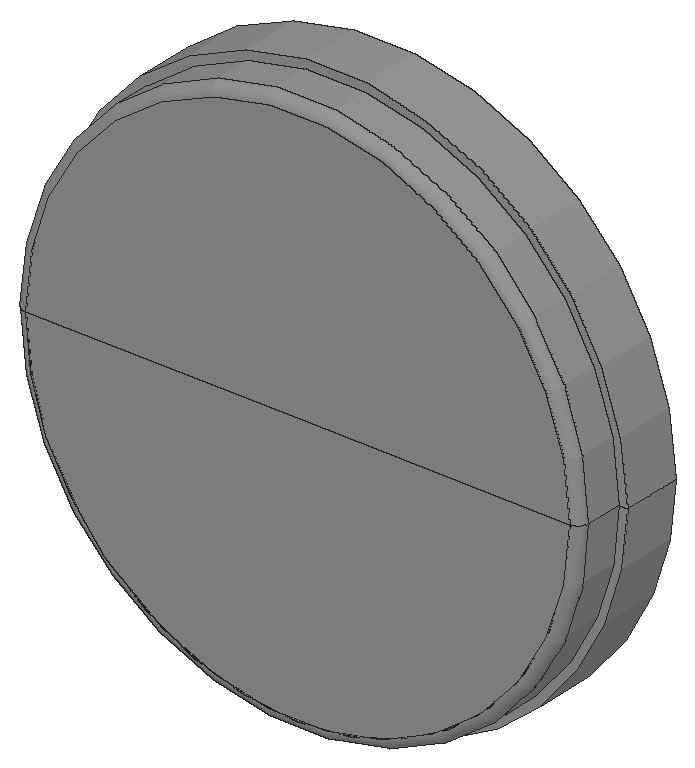
Revit family "IVLB_PML_LF_Dura 340mm WM_Plastic", category Lighting Fixtures, Revit 2019 (continued)
Types (4, lengths in mm): name | Wattage | Type Comments | built-in parameter 1150134 | Photometric Web File | built-in parameter 1150142 | built-in parameter 1150105 | Lumens | built-in parameter 1150107 | built-in parameter 1150106
  Dura-M Ø340 IP64 IK10 8-18W 950-2300lm 3000K-3500K-4000K 3-CCT | 15.4838 W | "" | 12 | "Dura-M Ø340 IP64 IK10 8-18W 950-2300lm 3000K-3500K-4000K 3-CCT.ies" | "IESNA91\r\n[MANUFAC]  Pragmalux\r\n[LUMINAIRE] LED Plafonnière Wandarmatuur Dura-M Ø340 IP64 IK10 8-18W 950-2300lm 3000K-3500K-4000K 3-CCT\r\n[LAMP] 1x(LED 18W 2200lm 3000K) or 1x(LED 18W 2300lm 3500K) or 1x(LED 18W 2300lm 4000K) or 1x(LED 15W 1800lm 3000K) or 1x(LED 15W 1900lm 3500K) or 1x(LED 15W 1900lm 4000K) or 1x(LED 11W 1350lm 3000K) or 1x(LED 11W 1450lm 3500K) or 1x(LED 11W 1450lm 4000K) or 1x(LED 8W 950lm 3000K) or 1x(LED 8W 1000lm 3500K) or 1x(LED 8W 1000lm 4000K)\r\n[_CHANGED] file converted from LDT by IES Viewer 3.6 (C) Andrey Legotin\r\nTILT=NONE\r\n1 2200 2.2 181 5 1 2 0 -0.34 0\r\n1 1 18\r\n0 1 2 3 4 5 6 7 8 9 10 11 12 13 14 15 16 17 18 19 20 21 22 23 24 25 26 27 28 \r\n29 30 31 32 33 34 35 36 37 38 39 40 41 42 43 44 45 46 47 48 49 50 51 52 53 54 \r\n55 56 57 58 59 60 61 62 63 64 65 66 67 68 69 70 71 72 73 74 75 76 77 78 79 80 \r\n81 82 83 84 85 86 87 88 89 90 91 92 93 94 95 96 97 98 99 100 101 102 103 104 \r\n105 106 107 108 109 110 111 112 113 114 115 116 117 118 119 120 121 122 123 \r\n124 125 126 127 128 129 130 131 132 133 134 135 136 137 138 139 140 141 142 \r\n143 144 145 146 147 148 149 150 151 152 153 154 155 156 157 158 159 160 161 \r\n162 163 164 165 166 167 168 169 170 171 172 173 174 175 176 177 178 179 180 \r\n0 22.5 45 67.5 90 \r\n295.3 295.4 295.3 295.4 295 294.6 294.2 293.8 293.1 292.5 291.9 290.9 290.1 \r\n289.3 288.2 287 285.8 284.4 283.1 281.6 279.9 278.4 276.5 274.8 272.9 270.8 \r\n268.7 266.6 264.4 261.9 259.5 257.1 254.4 251.8 249 246.2 243.4 240.3 237.3 \r\n234 230.9 227.5 224.2 220.7 217 213.5 209.8 206 202.3 198.3 194.4 190.3 186.3 \r\n182.2 178 173.9 169.7 165.2 160.9 156.3 151.7 147.1 142.5 137.8 133.1 128.3 \r\n123.5 118.6 113.7 108.9 104 99.09 94.31 89.38 84.54 79.78 74.96 70.21 65.64 \r\n60.99 56.65 52.24 47.94 43.84 39.72 35.8 32.33 29.23 26.57 24.14 20.8 17.18 \r\n13.52 9.69 6.07 3.08 1.19 0.46 0.42 0.5 1.38 2.92 5.29 7.96 10.6 13.13 15.25 \r\n16.85 17.87 18.13 18.09 18.13 18.01 17.84 17.63 17.39 17.18 16.97 16.8 16.59 \r\n16.43 16.18 15.96 15.76 15.47 15.26 15.01 14.76 14.47 14.18 13.96 13.72 13.47 \r\n13.18 12.92 12.6 12.3 11.97 11.76 11.47 11.17 10.84 10.51 10.18 9.8 9.51 9.14 \r\n8.8 8.46 8.1 7.59 6.92 6.13 5.47 5.09 4.84 4.71 4.71 4.75 4.71 4.27 3.85 3.42 \r\n3.09 2.84 2.63 2.38 2.09 1.8 1.51 1.3 1.29 1.25 1.25 1.29 1.17 1.09 1.04 1.04 \r\n1.04 1.04 \r\n295.3 295.4 295.3 295.2 295 294.7 294.2 293.7 293.2 292.4 291.8 291 290 289.2 \r\n288 287.1 285.7 284.5 283.1 281.5 280.1 278.4 276.6 274.8 272.9 271 268.9 \r\n266.7 264.4 262.1 259.7 257.2 254.6 251.8 249.1 246.2 243.3 240.4 237.3 234 \r\n230.9 227.6 224.2 220.8 217.2 213.6 210 206.2 202.5 198.5 194.6 190.4 186.3 \r\n182.3 178.1 173.9 169.8 165.5 160.9 156.5 152 147.3 142.7 138 133.3 128.4 \r\n123.6 118.8 114 109.1 104.1 99.29 94.45 89.59 84.83 79.91 75.24 70.49 65.87 \r\n61.37 56.89 52.6 48.27 44.1 39.95 35.98 32.51 29.4 26.59 24.2 21.15 17.65 \r\n13.91 9.8 5.92 2.9 1.05 1.11 1.16 1.22 1.27 1.32 3 5.08 7.32 9.66 11.71 13.19 \r\n13.85 14.01 14.06 14.06 14.06 14.07 14.07 14.07 14.08 14.08 14.08 14.09 14.09 \r\n14.09 14.1 14.1 13.93 13.81 13.68 13.47 13.31 13.09 12.89 12.72 12.55 12.34 \r\n12.1 11.89 11.63 11.35 11.13 10.84 10.59 10.34 10.09 9.8 9.54 9.25 9 8.66 \r\n8.34 7.84 7.16 6.42 5.82 5.49 5.23 5.06 5.1 5.06 5.06 4.7 4.35 4.07 3.81 3.52 \r\n3.27 3.1 2.89 2.68 2.35 2.02 1.88 1.88 1.63 1.22 1.01 1 1 1 1 1 1 \r\n295.3 295.4 295.4 295.2 294.9 294.7 294.3 293.7 293.1 292.5 291.7 291 290 \r\n289.2 288.2 287 285.8 284.6 283.2 281.6 280 278.6 276.7 274.9 272.9 271 269 \r\n266.7 264.5 262.1 259.7 257.3 254.7 251.9 249.3 246.4 243.4 240.5 237.2 234.4 \r\n230.9 227.7 224.4 220.9 217.2 213.8 210 206.2 202.5 198.5 194.7 190.5 186.5 \r\n182.5 178.3 174.2 170 165.6 161.2 156.6 152.1 147.4 142.9 138.1 133.3 128.7 \r\n123.7 119.1 114.1 109.2 104.2 99.53 94.64 89.68 84.85 80 75.35 70.57 65.93 \r\n61.38 56.9 52.6 48.21 44.08 39.87 35.82 32.26 29 26.12 23.53 21.1 17.5 12.56 \r\n7.11 2.92 0.97 0.75 1.99 3.1 3.87 4.59 5.12 5.47 5.89 6.09 6.18 6.18 6.22 \r\n6.35 6.56 6.76 7.06 7.3 7.56 7.73 7.97 8.06 8.19 8.35 8.52 8.59 8.65 8.72 \r\n8.79 8.85 8.94 8.98 8.96 8.93 8.91 8.88 8.86 8.83 8.81 8.78 8.76 8.73 8.61 \r\n8.48 8.36 8.27 8.07 7.9 7.65 7.19 6.69 6.24 6.06 5.89 5.81 5.75 5.69 5.62 \r\n5.56 5.5 5.44 5.1 4.8 4.52 4.18 3.93 3.72 3.51 3.31 3.1 2.93 2.72 2.55 2.46 \r\n2.26 2.01 1.84 1.76 1.46 1.09 0.96 0.96 0.96 0.96 0.96 0.96 \r\n295.3 295.2 295.3 295.3 295 294.6 294.2 293.8 293.1 292.5 291.7 291 290.2 \r\n289.3 288.2 287.1 286 284.5 283.2 281.7 280.1 278.4 276.9 274.8 273 271 269 \r\n266.7 264.5 262.1 259.6 257.2 254.4 252 249.1 246.5 243.4 240.4 237.2 234 \r\n230.9 227.5 224.2 220.8 217.1 213.6 209.8 206.2 202.4 198.5 194.5 190.4 186.4 \r\n182.4 178.1 174 169.7 165.4 160.8 156.5 151.8 147.2 142.6 137.8 133.1 128.2 \r\n123.5 118.7 113.8 108.9 104 99.22 94.3 89.47 84.57 79.7 75 70.21 65.64 60.97 \r\n56.57 52.14 47.89 43.7 39.52 35.49 31.7 28.35 25.42 22.82 20.35 15.44 6.69 \r\n0.88 0.55 2.56 7.37 9.33 9.48 8.91 8.12 7.38 6.75 6.24 5.78 5.41 5.08 4.75 \r\n4.45 4.16 3.95 3.71 3.54 3.45 3.45 3.48 3.52 3.55 3.58 3.62 3.83 3.95 4.07 \r\n4.28 4.45 4.61 4.7 4.78 4.8 4.81 4.83 4.85 4.86 4.88 4.89 4.91 4.93 4.94 5.24 \r\n5.32 5.26 5.19 5.12 5.06 4.99 4.92 4.86 4.79 4.2 3.75 3.66 3.54 3.37 3.36 \r\n3.35 3.34 3.32 3.31 3.3 3.29 3.16 3 2.95 2.83 2.75 2.66 2.5 2.29 2.04 1.88 \r\n1.71 1.5 1.25 1.05 0.96 0.96 0.96 0.96 0.96 0.96 0.96 \r\n295.3 295.3 295.3 295.3 295 294.7 294.3 293.8 293.2 292.4 291.9 291.2 290.2 \r\n289.3 288.1 287.1 285.9 284.5 283.3 281.8 280.2 278.5 276.7 275 273.1 270.9 \r\n269.1 266.7 264.4 262.2 259.7 257.2 254.6 252 249.2 246.4 243.5 240.4 237.3 \r\n234.3 230.9 227.6 224.2 220.7 217.3 213.6 209.8 206.2 202.4 198.4 194.6 190.5 \r\n186.4 182.3 178.2 174.1 169.7 165.3 160.9 156.4 151.8 147.1 142.6 137.9 133 \r\n128.3 123.5 118.6 113.7 108.8 103.8 99.12 94.1 89.24 84.33 79.46 74.78 69.96 \r\n65.23 60.72 56.28 51.92 47.53 43.29 39.16 35.11 31.37 28 25.06 22.51 20.37 \r\n15.14 5.53 0.55 0.46 2.14 9.15 12.35 11.89 11.06 10.21 9.36 8.52 7.75 7.04 \r\n6.4 5.75 5.16 4.55 3.96 3.41 2.91 2.46 2.04 1.59 1.33 1.29 1.21 1.04 0.96 \r\n0.92 0.87 0.83 0.79 0.75 0.79 1.2 1.57 1.79 1.95 1.99 2 2.04 2.08 2.33 2.53 \r\n2.49 2.45 2.41 2.37 2.33 1.88 1.3 1.16 1.16 1.45 1.9 2.48 2.74 2.72 2.7 2.68 \r\n2.66 2.64 2.62 2.54 2.41 2.33 2.21 2.04 1.87 1.79 1.67 1.58 1.5 1.33 1.29 \r\n1.17 1.12 1.12 1.04 1.08 1.04 1 1 0.96 0.96 0.96 0.96 0.96 0.96 \r\n" | 183.03 (stored number, unit not read) | 2300 lm | 4000 (stored number, unit not read) | 1.8303 (stored number, unit not read)
  Dura-M Ø340 IP64 IK10 18W 2200K-2700K 2-CCT DALI | 11.7812 W | "DALI" | (empty or 0) | "Dura-M Ø340 IP64 IK10 18W 2200K-2700K 2-CCT DALI.ies" | "IESNA91\r\n[MANUFAC]  Pragmalux\r\n[LUMINAIRE] LED Plafonnière Wandarmatuur Dura-M Ø340 IP64 IK10 18W 2200K-2700K 2-CCT DALI\r\n[LAMP] 1x(LED 18W 1750lm 2200K) or 1x(LED 18W 2075lm 2700K)\r\n[_CHANGED] file converted from LDT by IES Viewer 3.6 (C) Andrey Legotin\r\nTILT=NONE\r\n1 1750 1.75 181 5 1 2 0 -0.34 0\r\n1 1 18\r\n0 1 2 3 4 5 6 7 8 9 10 11 12 13 14 15 16 17 18 19 20 21 22 23 24 25 26 27 28 \r\n29 30 31 32 33 34 35 36 37 38 39 40 41 42 43 44 45 46 47 48 49 50 51 52 53 54 \r\n55 56 57 58 59 60 61 62 63 64 65 66 67 68 69 70 71 72 73 74 75 76 77 78 79 80 \r\n81 82 83 84 85 86 87 88 89 90 91 92 93 94 95 96 97 98 99 100 101 102 103 104 \r\n105 106 107 108 109 110 111 112 113 114 115 116 117 118 119 120 121 122 123 \r\n124 125 126 127 128 129 130 131 132 133 134 135 136 137 138 139 140 141 142 \r\n143 144 145 146 147 148 149 150 151 152 153 154 155 156 157 158 159 160 161 \r\n162 163 164 165 166 167 168 169 170 171 172 173 174 175 176 177 178 179 180 \r\n0 22.5 45 67.5 90 \r\n295.3 295.4 295.3 295.4 295 294.6 294.2 293.8 293.1 292.5 291.9 290.9 290.1 \r\n289.3 288.2 287 285.8 284.4 283.1 281.6 279.9 278.4 276.5 274.8 272.9 270.8 \r\n268.7 266.6 264.4 261.9 259.5 257.1 254.4 251.8 249 246.2 243.4 240.3 237.3 \r\n234 230.9 227.5 224.2 220.7 217 213.5 209.8 206 202.3 198.3 194.4 190.3 186.3 \r\n182.2 178 173.9 169.7 165.2 160.9 156.3 151.7 147.1 142.5 137.8 133.1 128.3 \r\n123.5 118.6 113.7 108.9 104 99.09 94.31 89.38 84.54 79.78 74.96 70.21 65.64 \r\n60.99 56.65 52.24 47.94 43.84 39.72 35.8 32.33 29.23 26.57 24.14 20.8 17.18 \r\n13.52 9.69 6.07 3.08 1.19 0.46 0.42 0.5 1.38 2.92 5.29 7.96 10.6 13.13 15.25 \r\n16.85 17.87 18.13 18.09 18.13 18.01 17.84 17.63 17.39 17.18 16.97 16.8 16.59 \r\n16.43 16.18 15.96 15.76 15.47 15.26 15.01 14.76 14.47 14.18 13.96 13.72 13.47 \r\n13.18 12.92 12.6 12.3 11.97 11.76 11.47 11.17 10.84 10.51 10.18 9.8 9.51 9.14 \r\n8.8 8.46 8.1 7.59 6.92 6.13 5.47 5.09 4.84 4.71 4.71 4.75 4.71 4.27 3.85 3.42 \r\n3.09 2.84 2.63 2.38 2.09 1.8 1.51 1.3 1.29 1.25 1.25 1.29 1.17 1.09 1.04 1.04 \r\n1.04 1.04 \r\n295.3 295.4 295.3 295.2 295 294.7 294.2 293.7 293.2 292.4 291.8 291 290 289.2 \r\n288 287.1 285.7 284.5 283.1 281.5 280.1 278.4 276.6 274.8 272.9 271 268.9 \r\n266.7 264.4 262.1 259.7 257.2 254.6 251.8 249.1 246.2 243.3 240.4 237.3 234 \r\n230.9 227.6 224.2 220.8 217.2 213.6 210 206.2 202.5 198.5 194.6 190.4 186.3 \r\n182.3 178.1 173.9 169.8 165.5 160.9 156.5 152 147.3 142.7 138 133.3 128.4 \r\n123.6 118.8 114 109.1 104.1 99.29 94.45 89.59 84.83 79.91 75.24 70.49 65.87 \r\n61.37 56.89 52.6 48.27 44.1 39.95 35.98 32.51 29.4 26.59 24.2 21.15 17.65 \r\n13.91 9.8 5.92 2.9 1.05 1.11 1.16 1.22 1.27 1.32 3 5.08 7.32 9.66 11.71 13.19 \r\n13.85 14.01 14.06 14.06 14.06 14.07 14.07 14.07 14.08 14.08 14.08 14.09 14.09 \r\n14.09 14.1 14.1 13.93 13.81 13.68 13.47 13.31 13.09 12.89 12.72 12.55 12.34 \r\n12.1 11.89 11.63 11.35 11.13 10.84 10.59 10.34 10.09 9.8 9.54 9.25 9 8.66 \r\n8.34 7.84 7.16 6.42 5.82 5.49 5.23 5.06 5.1 5.06 5.06 4.7 4.35 4.07 3.81 3.52 \r\n3.27 3.1 2.89 2.68 2.35 2.02 1.88 1.88 1.63 1.22 1.01 1 1 1 1 1 1 \r\n295.3 295.4 295.4 295.2 294.9 294.7 294.3 293.7 293.1 292.5 291.7 291 290 \r\n289.2 288.2 287 285.8 284.6 283.2 281.6 280 278.6 276.7 274.9 272.9 271 269 \r\n266.7 264.5 262.1 259.7 257.3 254.7 251.9 249.3 246.4 243.4 240.5 237.2 234.4 \r\n230.9 227.7 224.4 220.9 217.2 213.8 210 206.2 202.5 198.5 194.7 190.5 186.5 \r\n182.5 178.3 174.2 170 165.6 161.2 156.6 152.1 147.4 142.9 138.1 133.3 128.7 \r\n123.7 119.1 114.1 109.2 104.2 99.53 94.64 89.68 84.85 80 75.35 70.57 65.93 \r\n61.38 56.9 52.6 48.21 44.08 39.87 35.82 32.26 29 26.12 23.53 21.1 17.5 12.56 \r\n7.11 2.92 0.97 0.75 1.99 3.1 3.87 4.59 5.12 5.47 5.89 6.09 6.18 6.18 6.22 \r\n6.35 6.56 6.76 7.06 7.3 7.56 7.73 7.97 8.06 8.19 8.35 8.52 8.59 8.65 8.72 \r\n8.79 8.85 8.94 8.98 8.96 8.93 8.91 8.88 8.86 8.83 8.81 8.78 8.76 8.73 8.61 \r\n8.48 8.36 8.27 8.07 7.9 7.65 7.19 6.69 6.24 6.06 5.89 5.81 5.75 5.69 5.62 \r\n5.56 5.5 5.44 5.1 4.8 4.52 4.18 3.93 3.72 3.51 3.31 3.1 2.93 2.72 2.55 2.46 \r\n2.26 2.01 1.84 1.76 1.46 1.09 0.96 0.96 0.96 0.96 0.96 0.96 \r\n295.3 295.2 295.3 295.3 295 294.6 294.2 293.8 293.1 292.5 291.7 291 290.2 \r\n289.3 288.2 287.1 286 284.5 283.2 281.7 280.1 278.4 276.9 274.8 273 271 269 \r\n266.7 264.5 262.1 259.6 257.2 254.4 252 249.1 246.5 243.4 240.4 237.2 234 \r\n230.9 227.5 224.2 220.8 217.1 213.6 209.8 206.2 202.4 198.5 194.5 190.4 186.4 \r\n182.4 178.1 174 169.7 165.4 160.8 156.5 151.8 147.2 142.6 137.8 133.1 128.2 \r\n123.5 118.7 113.8 108.9 104 99.22 94.3 89.47 84.57 79.7 75 70.21 65.64 60.97 \r\n56.57 52.14 47.89 43.7 39.52 35.49 31.7 28.35 25.42 22.82 20.35 15.44 6.69 \r\n0.88 0.55 2.56 7.37 9.33 9.48 8.91 8.12 7.38 6.75 6.24 5.78 5.41 5.08 4.75 \r\n4.45 4.16 3.95 3.71 3.54 3.45 3.45 3.48 3.52 3.55 3.58 3.62 3.83 3.95 4.07 \r\n4.28 4.45 4.61 4.7 4.78 4.8 4.81 4.83 4.85 4.86 4.88 4.89 4.91 4.93 4.94 5.24 \r\n5.32 5.26 5.19 5.12 5.06 4.99 4.92 4.86 4.79 4.2 3.75 3.66 3.54 3.37 3.36 \r\n3.35 3.34 3.32 3.31 3.3 3.29 3.16 3 2.95 2.83 2.75 2.66 2.5 2.29 2.04 1.88 \r\n1.71 1.5 1.25 1.05 0.96 0.96 0.96 0.96 0.96 0.96 0.96 \r\n295.3 295.3 295.3 295.3 295 294.7 294.3 293.8 293.2 292.4 291.9 291.2 290.2 \r\n289.3 288.1 287.1 285.9 284.5 283.3 281.8 280.2 278.5 276.7 275 273.1 270.9 \r\n269.1 266.7 264.4 262.2 259.7 257.2 254.6 252 249.2 246.4 243.5 240.4 237.3 \r\n234.3 230.9 227.6 224.2 220.7 217.3 213.6 209.8 206.2 202.4 198.4 194.6 190.5 \r\n186.4 182.3 178.2 174.1 169.7 165.3 160.9 156.4 151.8 147.1 142.6 137.9 133 \r\n128.3 123.5 118.6 113.7 108.8 103.8 99.12 94.1 89.24 84.33 79.46 74.78 69.96 \r\n65.23 60.72 56.28 51.92 47.53 43.29 39.16 35.11 31.37 28 25.06 22.51 20.37 \r\n15.14 5.53 0.55 0.46 2.14 9.15 12.35 11.89 11.06 10.21 9.36 8.52 7.75 7.04 \r\n6.4 5.75 5.16 4.55 3.96 3.41 2.91 2.46 2.04 1.59 1.33 1.29 1.21 1.04 0.96 \r\n0.92 0.87 0.83 0.79 0.75 0.79 1.2 1.57 1.79 1.95 1.99 2 2.04 2.08 2.33 2.53 \r\n2.49 2.45 2.41 2.37 2.33 1.88 1.3 1.16 1.16 1.45 1.9 2.48 2.74 2.72 2.7 2.68 \r\n2.66 2.64 2.62 2.54 2.41 2.33 2.21 2.04 1.87 1.79 1.67 1.58 1.5 1.33 1.29 \r\n1.17 1.12 1.12 1.04 1.08 1.04 1 1 0.96 0.96 0.96 0.96 0.96 0.96 \r\n" | 139.26 (stored number, unit not read) | 1750 lm | 2700 (stored number, unit not read) | 1.3926 (stored number, unit not read)
  Dura-M Ø340 IP64 IK10 18W 3000K-3500K-4000K 3-CCT DALI | 14.8106 W | "DALI" | 12 | "Dura-S Ø270 IP64 IK10 9W 3000K-3500K-4000K 3-CCT DALI.ies" | "IESNA91\r\n[MANUFAC]  Pragmalux\r\n[LUMINAIRE] LED Plafonnière Wandarmatuur Dura-S Wit Ø270 IP64 IK10 9W 3000K-3500K-4000K 3-CCT DALI\r\n[LAMP] 1x(LED 9W 1050lm 3000K) or 1x(LED 9W 1100lm 3500K) or 1x(LED 9W 1100lm 4000K)\r\n[_CHANGED] file converted from LDT by IES Viewer 3.6 (C) Andrey Legotin\r\nTILT=NONE\r\n1 1050 1.05 181 5 1 2 0 -0.27 0\r\n1 1 9\r\n0 1 2 3 4 5 6 7 8 9 10 11 12 13 14 15 16 17 18 19 20 21 22 23 24 25 26 27 28 \r\n29 30 31 32 33 34 35 36 37 38 39 40 41 42 43 44 45 46 47 48 49 50 51 52 53 54 \r\n55 56 57 58 59 60 61 62 63 64 65 66 67 68 69 70 71 72 73 74 75 76 77 78 79 80 \r\n81 82 83 84 85 86 87 88 89 90 91 92 93 94 95 96 97 98 99 100 101 102 103 104 \r\n105 106 107 108 109 110 111 112 113 114 115 116 117 118 119 120 121 122 123 \r\n124 125 126 127 128 129 130 131 132 133 134 135 136 137 138 139 140 141 142 \r\n143 144 145 146 147 148 149 150 151 152 153 154 155 156 157 158 159 160 161 \r\n162 163 164 165 166 167 168 169 170 171 172 173 174 175 176 177 178 179 180 \r\n0 22.5 45 67.5 90 \r\n295.3 295.4 295.3 295.4 295 294.6 294.2 293.8 293.1 292.5 291.9 290.9 290.1 \r\n289.3 288.2 287 285.8 284.4 283.1 281.6 279.9 278.4 276.5 274.8 272.9 270.8 \r\n268.7 266.6 264.4 261.9 259.5 257.1 254.4 251.8 249 246.2 243.4 240.3 237.3 \r\n234 230.9 227.5 224.2 220.7 217 213.5 209.8 206 202.3 198.3 194.4 190.3 186.3 \r\n182.2 178 173.9 169.7 165.2 160.9 156.3 151.7 147.1 142.5 137.8 133.1 128.3 \r\n123.5 118.6 113.7 108.9 104 99.09 94.31 89.38 84.54 79.78 74.96 70.21 65.64 \r\n60.99 56.65 52.24 47.94 43.84 39.72 35.8 32.33 29.23 26.57 24.14 20.8 17.18 \r\n13.52 9.69 6.07 3.08 1.19 0.46 0.42 0.5 1.38 2.92 5.29 7.96 10.6 13.13 15.25 \r\n16.85 17.87 18.13 18.09 18.13 18.01 17.84 17.63 17.39 17.18 16.97 16.8 16.59 \r\n16.43 16.18 15.96 15.76 15.47 15.26 15.01 14.76 14.47 14.18 13.96 13.72 13.47 \r\n13.18 12.92 12.6 12.3 11.97 11.76 11.47 11.17 10.84 10.51 10.18 9.8 9.51 9.14 \r\n8.8 8.46 8.1 7.59 6.92 6.13 5.47 5.09 4.84 4.71 4.71 4.75 4.71 4.27 3.85 3.42 \r\n3.09 2.84 2.63 2.38 2.09 1.8 1.51 1.3 1.29 1.25 1.25 1.29 1.17 1.09 1.04 1.04 \r\n1.04 1.04 \r\n295.3 295.4 295.3 295.2 295 294.7 294.2 293.7 293.2 292.4 291.8 291 290 289.2 \r\n288 287.1 285.7 284.5 283.1 281.5 280.1 278.4 276.6 274.8 272.9 271 268.9 \r\n266.7 264.4 262.1 259.7 257.2 254.6 251.8 249.1 246.2 243.3 240.4 237.3 234 \r\n230.9 227.6 224.2 220.8 217.2 213.6 210 206.2 202.5 198.5 194.6 190.4 186.3 \r\n182.3 178.1 173.9 169.8 165.5 160.9 156.5 152 147.3 142.7 138 133.3 128.4 \r\n123.6 118.8 114 109.1 104.1 99.29 94.45 89.59 84.83 79.91 75.24 70.49 65.87 \r\n61.37 56.89 52.6 48.27 44.1 39.95 35.98 32.51 29.4 26.59 24.2 21.15 17.65 \r\n13.91 9.8 5.92 2.9 1.05 1.11 1.16 1.22 1.27 1.32 3 5.08 7.32 9.66 11.71 13.19 \r\n13.85 14.01 14.06 14.06 14.06 14.07 14.07 14.07 14.08 14.08 14.08 14.09 14.09 \r\n14.09 14.1 14.1 13.93 13.81 13.68 13.47 13.31 13.09 12.89 12.72 12.55 12.34 \r\n12.1 11.89 11.63 11.35 11.13 10.84 10.59 10.34 10.09 9.8 9.54 9.25 9 8.66 \r\n8.34 7.84 7.16 6.42 5.82 5.49 5.23 5.06 5.1 5.06 5.06 4.7 4.35 4.07 3.81 3.52 \r\n3.27 3.1 2.89 2.68 2.35 2.02 1.88 1.88 1.63 1.22 1.01 1 1 1 1 1 1 \r\n295.3 295.4 295.4 295.2 294.9 294.7 294.3 293.7 293.1 292.5 291.7 291 290 \r\n289.2 288.2 287 285.8 284.6 283.2 281.6 280 278.6 276.7 274.9 272.9 271 269 \r\n266.7 264.5 262.1 259.7 257.3 254.7 251.9 249.3 246.4 243.4 240.5 237.2 234.4 \r\n230.9 227.7 224.4 220.9 217.2 213.8 210 206.2 202.5 198.5 194.7 190.5 186.5 \r\n182.5 178.3 174.2 170 165.6 161.2 156.6 152.1 147.4 142.9 138.1 133.3 128.7 \r\n123.7 119.1 114.1 109.2 104.2 99.53 94.64 89.68 84.85 80 75.35 70.57 65.93 \r\n61.38 56.9 52.6 48.21 44.08 39.87 35.82 32.26 29 26.12 23.53 21.1 17.5 12.56 \r\n7.11 2.92 0.97 0.75 1.99 3.1 3.87 4.59 5.12 5.47 5.89 6.09 6.18 6.18 6.22 \r\n6.35 6.56 6.76 7.06 7.3 7.56 7.73 7.97 8.06 8.19 8.35 8.52 8.59 8.65 8.72 \r\n8.79 8.85 8.94 8.98 8.96 8.93 8.91 8.88 8.86 8.83 8.81 8.78 8.76 8.73 8.61 \r\n8.48 8.36 8.27 8.07 7.9 7.65 7.19 6.69 6.24 6.06 5.89 5.81 5.75 5.69 5.62 \r\n5.56 5.5 5.44 5.1 4.8 4.52 4.18 3.93 3.72 3.51 3.31 3.1 2.93 2.72 2.55 2.46 \r\n2.26 2.01 1.84 1.76 1.46 1.09 0.96 0.96 0.96 0.96 0.96 0.96 \r\n295.3 295.2 295.3 295.3 295 294.6 294.2 293.8 293.1 292.5 291.7 291 290.2 \r\n289.3 288.2 287.1 286 284.5 283.2 281.7 280.1 278.4 276.9 274.8 273 271 269 \r\n266.7 264.5 262.1 259.6 257.2 254.4 252 249.1 246.5 243.4 240.4 237.2 234 \r\n230.9 227.5 224.2 220.8 217.1 213.6 209.8 206.2 202.4 198.5 194.5 190.4 186.4 \r\n182.4 178.1 174 169.7 165.4 160.8 156.5 151.8 147.2 142.6 137.8 133.1 128.2 \r\n123.5 118.7 113.8 108.9 104 99.22 94.3 89.47 84.57 79.7 75 70.21 65.64 60.97 \r\n56.57 52.14 47.89 43.7 39.52 35.49 31.7 28.35 25.42 22.82 20.35 15.44 6.69 \r\n0.88 0.55 2.56 7.37 9.33 9.48 8.91 8.12 7.38 6.75 6.24 5.78 5.41 5.08 4.75 \r\n4.45 4.16 3.95 3.71 3.54 3.45 3.45 3.48 3.52 3.55 3.58 3.62 3.83 3.95 4.07 \r\n4.28 4.45 4.61 4.7 4.78 4.8 4.81 4.83 4.85 4.86 4.88 4.89 4.91 4.93 4.94 5.24 \r\n5.32 5.26 5.19 5.12 5.06 4.99 4.92 4.86 4.79 4.2 3.75 3.66 3.54 3.37 3.36 \r\n3.35 3.34 3.32 3.31 3.3 3.29 3.16 3 2.95 2.83 2.75 2.66 2.5 2.29 2.04 1.88 \r\n1.71 1.5 1.25 1.05 0.96 0.96 0.96 0.96 0.96 0.96 0.96 \r\n295.3 295.3 295.3 295.3 295 294.7 294.3 293.8 293.2 292.4 291.9 291.2 290.2 \r\n289.3 288.1 287.1 285.9 284.5 283.3 281.8 280.2 278.5 276.7 275 273.1 270.9 \r\n269.1 266.7 264.4 262.2 259.7 257.2 254.6 252 249.2 246.4 243.5 240.4 237.3 \r\n234.3 230.9 227.6 224.2 220.7 217.3 213.6 209.8 206.2 202.4 198.4 194.6 190.5 \r\n186.4 182.3 178.2 174.1 169.7 165.3 160.9 156.4 151.8 147.1 142.6 137.9 133 \r\n128.3 123.5 118.6 113.7 108.8 103.8 99.12 94.1 89.24 84.33 79.46 74.78 69.96 \r\n65.23 60.72 56.28 51.92 47.53 43.29 39.16 35.11 31.37 28 25.06 22.51 20.37 \r\n15.14 5.53 0.55 0.46 2.14 9.15 12.35 11.89 11.06 10.21 9.36 8.52 7.75 7.04 \r\n6.4 5.75 5.16 4.55 3.96 3.41 2.91 2.46 2.04 1.59 1.33 1.29 1.21 1.04 0.96 \r\n0.92 0.87 0.83 0.79 0.75 0.79 1.2 1.57 1.79 1.95 1.99 2 2.04 2.08 2.33 2.53 \r\n2.49 2.45 2.41 2.37 2.33 1.88 1.3 1.16 1.16 1.45 1.9 2.48 2.74 2.72 2.7 2.68 \r\n2.66 2.64 2.62 2.54 2.41 2.33 2.21 2.04 1.87 1.79 1.67 1.58 1.5 1.33 1.29 \r\n1.17 1.12 1.12 1.04 1.08 1.04 1 1 0.96 0.96 0.96 0.96 0.96 0.96 \r\n" | 175.07 (stored number, unit not read) | 2200 lm | 4000 (stored number, unit not read) | 1.7507 (stored number, unit not read)
